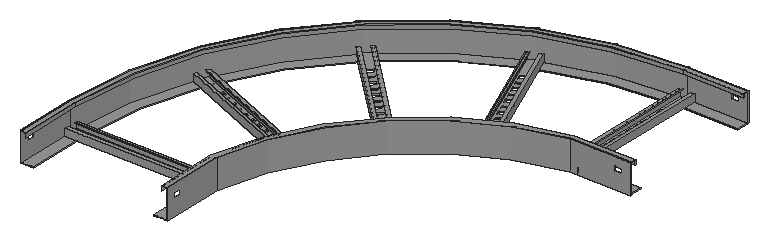
Revit family "LB 90 1130 VS FT Bogen 90", category Generic Models, Revit 2017
Family settings
  Can host rebar = No
  Round Connector Dimension = Use Diameter
  Part Type = Normal
  Work Plane-Based = No
  Always vertical = Yes
  Cut with Voids When Loaded = No
  Shared = No
  Room Calculation Point = No
Parameters (values of type "LB 90 1130 R5 FT")
  URL = "http://www.obo-bettermann.com"
  Material = Hot-dip galvanised
  Manufacturer Art.No. = "6217774"
  Manufacturer = "OBO BETTERMANN"
  GTIN = "4012196685219"
  Article Type = "LB 90 1130 R5 FT"
Reference planes
  plane 1 "Center (Front/Back)": y = 0
  plane 2: z = 0
  plane 3 "Center (Left/Right)": x = 0
  plane 4: y = 125
  plane 5: y = 125
  plane 6: x = 825
  plane 7: y = 825
  plane 8: x = 825
  plane 9: x = 700
  plane 10: z = 60
  plane 11: z = 1.5
  plane 12: z = 58.5
  plane 13: z = 51
  plane 14: x = 300
  plane 15: y = 525
  plane 16: x = 825.003
  plane 17: x = 825
  plane 18: y = 125
  plane 19: y = 110
  plane 20: y = 140
  plane 21: z = 16.5
  plane 22: x = 825
  plane 23: y = 125
  plane 24: x = 700
  plane 25: x = 700
  plane 26: through (701.958, 124.234, 1200) normal (-0.3827, -0.9239, 0)
  plane 27: through (701.958, 124.234, 1200) normal (-0.7071, -0.7071, 0)
  plane 28: through (701.958, 124.234, 1200) normal (-0.9239, -0.3827, 0)
  plane 29: x = 58.5
  plane 30: y = 133.25
  plane 31: y = 116.75
  plane 32: x = 84
  plane 33: x = 64
  plane 34: x = 83.965
  plane 35: x = 104
  plane 36: x = 123.965
  plane 37: x = 103.965
  plane 38: x = 143.93
  plane 39: x = 163.859
  plane 40: x = 183.789
  plane 41: x = 203.719
  plane 42: x = 223.648
  plane 43: x = 701.193
  plane 44: x = 716.193
  plane 45: x = 686.193
  plane 46: z = 16.5
  plane 47: y = 767.693
  plane 48: x = 692.943
  plane 49: x = 709.443
  plane 50: y = 742.193
  plane 51: y = 762.193
  plane 52: y = 722.193
  plane 53: y = 682.263
  plane 54: y = 662.333
  plane 55: y = 642.404
  plane 56: y = 622.474
  plane 57: y = 602.544
  plane 58: through (701.955, 124.217, 1200) normal (-0.1951, -0.9808, 0)
  plane 59: through (3995.512, -1240.866, 94.355) normal (0.3827, 0.9239, 0)
  plane 60: through (4001.253, -1227.008, 17.43) normal (0.3827, 0.9239, 0)
  plane 61: through (3989.772, -1254.724, 13.704) normal (0.3827, 0.9239, 0)
  plane 62: z = 16.5
  plane 63: through (94.255, 338.529, 1200) normal (-0.9239, 0.3827, 0)
  plane 64: through (103.27, 362.424, 1200) normal (0.3827, 0.9239, 0)
  plane 65: through (109.585, 377.668, 1200) normal (0.3827, 0.9239, 0)
  plane 66: through (120.092, 334.27, 1200) normal (-0.9239, 0.3827, 0)
  plane 67: through (104.975, 350.037, 1200) normal (-0.9239, 0.3827, 0)
  plane 68: through (139.63, 329.176, 1200) normal (-0.9239, 0.3827, 0)
  plane 69: through (181.491, 325.897, 1200) normal (-0.9239, 0.3827, 0)
  plane 70: through (199.904, 318.27, 1200) normal (-0.9239, 0.3827, 0)
  plane 71: through (218.316, 310.643, 1200) normal (-0.9239, 0.3827, 0)
  plane 72: through (237.074, 303.85, 1200) normal (-0.9239, 0.3827, 0)
  plane 73: through (252.471, 288.942, 1200) normal (-0.9239, 0.3827, 0)
  plane 74: through (701.958, 124.234, 1200) normal (-0.5556, -0.8315, 0)
  plane 75: through (3223.535, -2396.212, 94.355) normal (0.7071, 0.7071, 0)
  plane 76: through (3212.929, -2406.818, 17.43) normal (0.7071, 0.7071, 0)
  plane 77: through (3234.142, -2385.605, 13.704) normal (0.7071, 0.7071, 0)
  plane 78: z = 16.5
  plane 79: through (271.418, 603.672, 1200) normal (0.7071, -0.7071, 0)
  plane 80: through (252.792, 586.199, 1200) normal (0.7071, 0.7071, 0)
  plane 81: through (241.125, 574.532, 1200) normal (0.7071, 0.7071, 0)
  plane 82: through (285.24, 581.431, 1200) normal (0.7071, -0.7071, 0)
  plane 83: through (264.888, 589.364, 1200) normal (0.7071, -0.7071, 0)
  plane 84: through (297.423, 565.33, 1200) normal (0.7071, -0.7071, 0)
  plane 85: through (316.472, 527.91, 1200) normal (0.7071, -0.7071, 0)
  plane 86: through (330.565, 513.818, 1200) normal (0.7071, -0.7071, 0)
  plane 87: through (344.657, 499.726, 1200) normal (0.7071, -0.7071, 0)
  plane 88: through (358.111, 484.995, 1200) normal (0.7071, -0.7071, 0)
  plane 89: through (377.777, 476.476, 1200) normal (0.7071, -0.7071, 0)
  plane 90: through (701.958, 124.234, 1200) normal (-0.8315, -0.5556, 0)
  plane 91: through (2065.581, -3169.932, 94.355) normal (0.9239, 0.3827, 0)
  plane 92: through (2079.439, -3164.192, 17.43) normal (0.9239, 0.3827, 0)
  plane 93: through (2051.723, -3175.672, 13.704) normal (0.9239, 0.3827, 0)
  plane 94: z = 16.5
  plane 95: through (423.776, 705.474, 1200) normal (-0.3827, 0.9239, 0)
  plane 96: through (447.047, 715.996, 1200) normal (0.9239, 0.3827, 0)
  plane 97: through (462.291, 722.31, 1200) normal (0.9239, 0.3827, 0)
  plane 98: through (439.035, 684.194, 1200) normal (-0.3827, 0.9239, 0)
  plane 99: through (439.494, 706.032, 1200) normal (-0.3827, 0.9239, 0)
  plane 100: through (449.248, 666.776, 1200) normal (-0.3827, 0.9239, 0)
  plane 101: through (476.529, 634.857, 1200) normal (-0.3827, 0.9239, 0)
  plane 102: through (484.156, 616.444, 1200) normal (-0.3827, 0.9239, 0)
  plane 103: through (491.783, 598.032, 1200) normal (-0.3827, 0.9239, 0)
  plane 104: through (500.243, 579.964, 1200) normal (-0.3827, 0.9239, 0)
  plane 105: through (500.589, 558.536, 1200) normal (-0.3827, 0.9239, 0)
  plane 106: z = 25.993
  plane 107: y = 25
  plane 108: z = 38
  plane 109: y = 25
  plane 110: z = 38
  plane 111: x = 799.997
  plane 112: x = 800
  plane 113: z = 38
Forms (mm)
  Extrusion 1, solid, material "Hot-dip galvanised" <- "Material"
    sketch origin (0, 0, 0) x (1, 0, 0) y (0, 1, 0)
      loop
        line (0, 0) -> (1.5, 0) -> (1.5, 125)
        arc (1.5, 125) -> (206.086, 618.914) -> (700, 823.5) r 698.5
        line (700, 823.5) -> (825, 823.5) -> (825, 825) -> (700, 825)
        arc (700, 825) -> (205.025, 619.975) -> (0, 125) r 700
        line (0, 125) -> (0, 0)
    from 0 to 60
  Extrusion 2, solid, material "Hot-dip galvanised" <- "Material"
    sketch origin (0, 0, 0) x (1, 0, 0) y (0, 1, 0)
      loop
        line (1.5, 0) -> (27, 0) -> (27, 125)
        arc (27, 125) -> (224.117, 600.883) -> (700, 798) r 673
        line (700, 798) -> (825, 798) -> (825, 823.5) -> (700, 823.5)
        arc (700, 823.5) -> (206.086, 618.914) -> (1.5, 125) r 698.5
        line (1.5, 125) -> (1.5, 0)
    from 0 to 1.5
  Extrusion 3, solid, material "Hot-dip galvanised" <- "Material"
    sketch origin (0, 0, 0) x (1, 0, 0) y (0, 1, 0)
      loop
        line (825, 823.5) -> (700, 823.5)
        arc (700, 823.5) -> (206.086, 618.914) -> (1.5, 125) r 698.5
        line (1.5, 125) -> (1.5, 0) -> (12, 0) -> (12, 125)
        arc (12, 125) -> (213.511, 611.489) -> (700, 813) r 688
        line (700, 813) -> (825, 813) -> (825, 823.5)
    from 58.5 to 60
  Extrusion 4, solid, material "Hot-dip galvanised" <- "Material"
    sketch origin (0, 0, 0) x (1, 0, 0) y (0, 1, 0)
      loop
        line (824.997, 813) -> (824.997, 814.5) -> (700, 814.5)
        arc (700, 814.5) -> (212.45, 612.55) -> (10.5, 125) r 689.5
        line (10.5, 125) -> (10.5, 0) -> (12, 0) -> (12, 125)
        arc (12, 125) -> (213.511, 611.489) -> (700, 813) r 688
        line (700, 813) -> (824.997, 813)
    from 51 to 58.5
  Extrusion 5, solid, material "Hot-dip galvanised" <- "Material"
    sketch origin (0, 0, 0) x (1, 0, 0) y (0, 1, 0)
      loop
        line (300, 0) -> (300, 125)
        arc (300, 125) -> (437.994, 387.006) -> (700, 525) r 500
        line (700, 525) -> (824.997, 525) -> (824.997, 526.5) -> (699.862, 526.5)
        arc (699.862, 526.5) -> (436.934, 388.066) -> (298.5, 125.138) r 501.5
        line (298.5, 125.138) -> (298.5, 0) -> (300, 0)
    from 0 to 60
  Extrusion 6, solid, material "Hot-dip galvanised" <- "Material"
    sketch origin (0, 0, 0) x (1, 0, 0) y (0, 1, 0)
      loop
        line (298.5, 0) -> (298.5, 125.069)
        arc (298.5, 125.069) -> (436.718, 388.282) -> (699.931, 526.5) r 500
        line (699.931, 526.5) -> (825.003, 526.5) -> (825.003, 552) -> (697.637, 552)
        arc (697.637, 552) -> (418.686, 406.314) -> (273, 127.363) r 525.5
        line (273, 127.363) -> (273, 0) -> (298.5, 0)
    from 0 to 1.5
  Extrusion 7, solid, material "Hot-dip galvanised" <- "Material"
    sketch origin (-0.024, -0.01, 0) x (1, 0, 0) y (0, 1, 0)
      loop
        line (298.524, 0.01) -> (298.524, 125.079)
        arc (298.524, 125.079) -> (436.743, 388.29) -> (699.955, 526.51) r 500.011
        line (699.955, 526.51) -> (825.024, 526.51) -> (825.024, 537.01) -> (699.031, 537.01)
        arc (699.031, 537.01) -> (429.329, 395.719) -> (288.024, 126.024) r 510.516
        line (288.024, 126.024) -> (288.024, 0.01) -> (298.524, 0.01)
    from 58.5 to 60
  Extrusion 8, solid, material "Hot-dip galvanised" <- "Material"
    sketch origin (0, 0, 0) x (1, 0, 0) y (0, 1, 0)
      loop
        line (288, 0) -> (289.5, 0) -> (289.5, 124.935)
        arc (289.5, 124.935) -> (430.576, 394.424) -> (700.065, 535.5) r 509.5
        line (700.065, 535.5) -> (825.003, 535.5) -> (825.003, 537) -> (699.931, 537)
        arc (699.931, 537) -> (429.516, 395.484) -> (288, 125.069) r 511
        line (288, 125.069) -> (288, 0)
    from 51 to 58.5
  Extrusion 9, solid, material "Hot-dip galvanised" <- "Material"
    sketch origin (0, 0, 0) x (0, 1, 0) y (0, 0, 1)
      loop
        line (110, 1.5) -> (140, 1.5) -> (140, 16.5) -> (133.539, 16.5) -> (133.539, 15) -> (138.5, 15) -> (138.5, 3) -> (111.5, 3) -> (111.5, 15) -> (116.469, 15) -> (116.469, 16.5) -> (110, 16.5) -> (110, 1.5)
    from 1.5 to 298.5
  Extrusion 10, void
    sketch origin (0, 0, 0) x (1, 0, 0) y (0, 1, 0)
      loop
        line (58.5, 133.25) -> (58.5, 116.75) -> (69.5, 116.75) -> (69.5, 133.25) -> (58.5, 133.25)
      loop
        line (80.5, 133.25) -> (80.5, 116.75) -> (87.5, 116.75) -> (87.5, 133.25) -> (80.5, 133.25)
      loop
        line (109.5, 133.25) -> (98.5, 133.25) -> (98.5, 116.75) -> (109.5, 116.75) -> (109.5, 133.25)
      loop
        line (127.5, 133.25) -> (120.5, 133.25) -> (120.5, 116.75) -> (127.5, 116.75) -> (127.5, 133.25)
      loop
        line (138.43, 133.25) -> (138.43, 116.75) -> (149.43, 116.75) -> (149.43, 133.25) -> (138.43, 133.25)
      loop
        line (160.359, 133.25) -> (160.359, 116.75) -> (167.359, 116.75) -> (167.359, 133.25) -> (160.359, 133.25)
      loop
        line (189.289, 133.25) -> (178.289, 133.25) -> (178.289, 116.75) -> (189.289, 116.75) -> (189.289, 133.25)
      loop
        line (207.219, 133.25) -> (200.219, 133.25) -> (200.219, 116.75) -> (207.219, 116.75) -> (207.219, 133.25)
      loop
        line (218.148, 133.25) -> (218.148, 116.75) -> (229.148, 116.75) -> (229.148, 133.25) -> (218.148, 133.25)
      loop
        line (240.078, 133.25) -> (240.078, 116.75) -> (247.078, 116.75) -> (247.078, 133.25) -> (240.078, 133.25)
    from 0 to 3
  Extrusion 11, solid, material "Hot-dip galvanised" <- "Material"
    sketch origin (826.193, 826.193, 0) x (-1, 0, 0) y (0, 0, -1)
      loop
        line (110, -1.5) -> (110, -16.5) -> (116.469, -16.5) -> (116.469, -15) -> (111.5, -15) -> (111.5, -3) -> (138.5, -3) -> (138.5, -15) -> (133.539, -15) -> (133.539, -16.5) -> (140, -16.5) -> (140, -1.5) -> (110, -1.5)
    from 2.693 to 299.693
  Extrusion 12, void
    sketch origin (826.193, 826.193, 0) x (0, -1, 0) y (1, 0, 0)
      loop
        line (58.5, -133.25) -> (69.5, -133.25) -> (69.5, -116.75) -> (58.5, -116.75) -> (58.5, -133.25)
      loop
        line (80.5, -133.25) -> (87.5, -133.25) -> (87.5, -116.75) -> (80.5, -116.75) -> (80.5, -133.25)
      loop
        line (109.5, -133.25) -> (109.5, -116.75) -> (98.5, -116.75) -> (98.5, -133.25) -> (109.5, -133.25)
      loop
        line (127.5, -133.25) -> (127.5, -116.75) -> (120.5, -116.75) -> (120.5, -133.25) -> (127.5, -133.25)
      loop
        line (138.43, -133.25) -> (149.43, -133.25) -> (149.43, -116.75) -> (138.43, -116.75) -> (138.43, -133.25)
      loop
        line (160.359, -133.25) -> (167.359, -133.25) -> (167.359, -116.75) -> (160.359, -116.75) -> (160.359, -133.25)
      loop
        line (189.289, -133.25) -> (189.289, -116.75) -> (178.289, -116.75) -> (178.289, -133.25) -> (189.289, -133.25)
      loop
        line (207.219, -133.25) -> (207.219, -116.75) -> (200.219, -116.75) -> (200.219, -133.25) -> (207.219, -133.25)
      loop
        line (218.148, -133.25) -> (229.148, -133.25) -> (229.148, -116.75) -> (218.148, -116.75) -> (218.148, -133.25)
      loop
        line (240.078, -133.25) -> (247.078, -133.25) -> (247.078, -116.75) -> (240.078, -116.75) -> (240.078, -133.25)
    from 0 to 3
  Extrusion 13, solid, material "Hot-dip galvanised" <- "Material"
    sketch origin (100.969, 507.606, 0) x (-0.382683, -0.92388, 0) y (0, 0, -1)
      loop
        line (110, -1.5) -> (110, -16.5) -> (116.469, -16.5) -> (116.469, -15) -> (111.5, -15) -> (111.5, -3) -> (138.5, -3) -> (138.5, -15) -> (133.539, -15) -> (133.539, -16.5) -> (140, -16.5) -> (140, -1.5) -> (110, -1.5)
    from 1.5 to 319.5
  Extrusion 14, void
    sketch origin (100.969, 507.606, 0) x (0.92388, -0.382683, 0) y (0.382683, 0.92388, 0)
      loop
        line (58.5, -133.25) -> (69.5, -133.25) -> (69.5, -116.75) -> (58.5, -116.75) -> (58.5, -133.25)
      loop
        line (80.5, -133.25) -> (87.5, -133.25) -> (87.5, -116.75) -> (80.5, -116.75) -> (80.5, -133.25)
      loop
        line (109.5, -133.25) -> (109.5, -116.75) -> (98.5, -116.75) -> (98.5, -133.25) -> (109.5, -133.25)
      loop
        line (127.5, -133.25) -> (127.5, -116.75) -> (120.5, -116.75) -> (120.5, -133.25) -> (127.5, -133.25)
      loop
        line (138.43, -133.25) -> (149.43, -133.25) -> (149.43, -116.75) -> (138.43, -116.75) -> (138.43, -133.25)
      loop
        line (160.359, -133.25) -> (167.359, -133.25) -> (167.359, -116.75) -> (160.359, -116.75) -> (160.359, -133.25)
      loop
        line (189.289, -133.25) -> (189.289, -116.75) -> (178.289, -116.75) -> (178.289, -133.25) -> (189.289, -133.25)
      loop
        line (207.219, -133.25) -> (207.219, -116.75) -> (200.219, -116.75) -> (200.219, -133.25) -> (207.219, -133.25)
      loop
        line (218.148, -133.25) -> (229.148, -133.25) -> (229.148, -116.75) -> (218.148, -116.75) -> (218.148, -133.25)
      loop
        line (240.078, -133.25) -> (247.078, -133.25) -> (247.078, -116.75) -> (240.078, -116.75) -> (240.078, -133.25)
    from 0 to 3
  Extrusion 15, solid, material "Hot-dip galvanised" <- "Material"
    sketch origin (117.781, 532.766, 0) x (0.707107, 0.707107, 0) y (0, 0, 1)
      loop
        line (110, 1.5) -> (140, 1.5) -> (140, 16.5) -> (133.539, 16.5) -> (133.539, 15) -> (138.5, 15) -> (138.5, 3) -> (111.5, 3) -> (111.5, 15) -> (116.469, 15) -> (116.469, 16.5) -> (110, 16.5) -> (110, 1.5)
    from 1.5 to 327.782
  Extrusion 16, void
    sketch origin (117.781, 532.766, 0) x (0.707107, -0.707107, 0) y (0.707107, 0.707107, 0)
      loop
        line (58.5, 133.25) -> (58.5, 116.75) -> (69.5, 116.75) -> (69.5, 133.25) -> (58.5, 133.25)
      loop
        line (80.5, 133.25) -> (80.5, 116.75) -> (87.5, 116.75) -> (87.5, 133.25) -> (80.5, 133.25)
      loop
        line (109.5, 133.25) -> (98.5, 133.25) -> (98.5, 116.75) -> (109.5, 116.75) -> (109.5, 133.25)
      loop
        line (127.5, 133.25) -> (120.5, 133.25) -> (120.5, 116.75) -> (127.5, 116.75) -> (127.5, 133.25)
      loop
        line (138.43, 133.25) -> (138.43, 116.75) -> (149.43, 116.75) -> (149.43, 133.25) -> (138.43, 133.25)
      loop
        line (160.359, 133.25) -> (160.359, 116.75) -> (167.359, 116.75) -> (167.359, 133.25) -> (160.359, 133.25)
      loop
        line (189.289, 133.25) -> (178.289, 133.25) -> (178.289, 116.75) -> (189.289, 116.75) -> (189.289, 133.25)
      loop
        line (207.219, 133.25) -> (200.219, 133.25) -> (200.219, 116.75) -> (207.219, 116.75) -> (207.219, 133.25)
      loop
        line (218.148, 133.25) -> (218.148, 116.75) -> (229.148, 116.75) -> (229.148, 133.25) -> (218.148, 133.25)
      loop
        line (240.078, 133.25) -> (240.078, 116.75) -> (247.078, 116.75) -> (247.078, 133.25) -> (240.078, 133.25)
    from 0 to 3
  Extrusion 17, solid, material "Hot-dip galvanised" <- "Material"
    sketch origin (548.079, 820.282, 0) x (-0.92388, -0.382683, 0) y (0, 0, -1)
      loop
        line (110, -1.5) -> (110, -16.5) -> (116.469, -16.5) -> (116.469, -15) -> (111.5, -15) -> (111.5, -3) -> (138.5, -3) -> (138.5, -15) -> (133.539, -15) -> (133.539, -16.5) -> (140, -16.5) -> (140, -1.5) -> (110, -1.5)
    from 2.225 to 319.983
  Extrusion 18, void
    sketch origin (548.079, 820.282, 0) x (0.382683, -0.92388, 0) y (0.92388, 0.382683, 0)
      loop
        line (58.5, -133.25) -> (69.5, -133.25) -> (69.5, -116.75) -> (58.5, -116.75) -> (58.5, -133.25)
      loop
        line (80.5, -133.25) -> (87.5, -133.25) -> (87.5, -116.75) -> (80.5, -116.75) -> (80.5, -133.25)
      loop
        line (109.5, -133.25) -> (109.5, -116.75) -> (98.5, -116.75) -> (98.5, -133.25) -> (109.5, -133.25)
      loop
        line (127.5, -133.25) -> (127.5, -116.75) -> (120.5, -116.75) -> (120.5, -133.25) -> (127.5, -133.25)
      loop
        line (138.43, -133.25) -> (149.43, -133.25) -> (149.43, -116.75) -> (138.43, -116.75) -> (138.43, -133.25)
      loop
        line (160.359, -133.25) -> (167.359, -133.25) -> (167.359, -116.75) -> (160.359, -116.75) -> (160.359, -133.25)
      loop
        line (189.289, -133.25) -> (189.289, -116.75) -> (178.289, -116.75) -> (178.289, -133.25) -> (189.289, -133.25)
      loop
        line (207.219, -133.25) -> (207.219, -116.75) -> (200.219, -116.75) -> (200.219, -133.25) -> (207.219, -133.25)
      loop
        line (218.148, -133.25) -> (229.148, -133.25) -> (229.148, -116.75) -> (218.148, -116.75) -> (218.148, -133.25)
      loop
        line (240.078, -133.25) -> (247.078, -133.25) -> (247.078, -116.75) -> (240.078, -116.75) -> (240.078, -133.25)
    from 0 to 3
  Extrusion 19, void
    sketch origin (0, 0, 0) x (0, 1, 0) y (0, 0, 1)
      loop
        line (17.489, 42.5) -> (17.489, 33.5) -> (32.489, 33.5) -> (32.489, 42.5) -> (17.489, 42.5)
    from 0 to 1.5
  Extrusion 20, void
    sketch origin (0, 0, 0) x (0, 1, 0) y (0, 0, 1)
      loop
        line (17.5, 42.5) -> (17.5, 33.5) -> (32.5, 33.5) -> (32.5, 42.5) -> (17.5, 42.5)
    from 298.5 to 300
  Extrusion 21, void
    sketch origin (0, 0, 0) x (1, 0, 0) y (0, 0, 1)
      loop
        line (792.497, 42.5) -> (792.497, 33.5) -> (807.497, 33.5) -> (807.497, 42.5) -> (792.497, 42.5)
    from -526.5 to -525
  Extrusion 22, void
    sketch origin (0, 0, 0) x (1, 0, 0) y (0, 0, 1)
      loop
        line (807.5, 42.5) -> (792.5, 42.5) -> (792.5, 33.5) -> (807.5, 33.5) -> (807.5, 42.5)
    from -825 to -823.5
Cuts and joins
  Extrusion 10, Extrusion 12, Extrusion 14 cuts Extrusion 9
  Extrusion 12 cuts Extrusion 11
  Extrusion 14, Extrusion 16 cuts Extrusion 13
  Extrusion 16, Extrusion 18 cuts Extrusion 15
  Extrusion 18 cuts Extrusion 17
  Extrusion 19, Extrusion 22 cuts Extrusion 1
  Extrusion 20, Extrusion 21 cuts Extrusion 5
Dimensions and locks
  locked: plane 3 "Center (Left/Right)" to plane 8 at 825
  locked: plane 1 "Center (Front/Back)" to plane 7 at 825
  locked: Extrusion 1 sketch curve to plane 8 at 125
  locked: plane 5 to Extrusion 1 sketch curve at 125
  locked: Extrusion 1 sketch curve to Extrusion 1 sketch curve at 1.5  (x2)
  locked: plane 10 to level at 60
  locked: Extrusion 1 to Extrusion 2 sketch curve at 25.5  (x2)
  Extrusion 1 to Extrusion 2 sketch curve = 27 mm
  locked: Extrusion 1 to Extrusion 2 sketch curve at 825  (x2)
  locked: Extrusion 3 sketch curve to Extrusion 1 at 10.5
  locked: Extrusion 1 to Extrusion 3 sketch curve at 10.5
  locked: Extrusion 1 to Extrusion 2 at 825
  locked: Extrusion 2 to Extrusion 1 at 823.5
  locked: Extrusion 3 to Extrusion 3 at 1.5
  locked: Extrusion 3 to Extrusion 2 at 60
  locked: Extrusion 4 sketch curve to Extrusion 3 at 1.5
  locked: Extrusion 3 to Extrusion 4 sketch curve at 1.5
  locked: Extrusion 1 to Extrusion 3 at 12  (x3)
  Extrusion 3 to Extrusion 4 = 9 mm
  locked: Extrusion 3 to plane 13 at 9
  locked: Extrusion 1 to plane 14 at 300
  locked: Extrusion 1 to plane 15 at 300
  locked: Extrusion 5 sketch curve to plane 1 "Center (Front/Back)" at 525
  locked: Extrusion 1 to Extrusion 5 sketch curve at 300
  Extrusion 1 to Extrusion 5 sketch curve = 300 mm
  locked: Extrusion 5 sketch curve to Extrusion 5 sketch curve at 1.5  (x2)
  locked: Extrusion 5 to Extrusion 5 at 60
  locked: Extrusion 6 sketch curve to Extrusion 5 at 25.5  (x2)
  locked: Extrusion 6 sketch curve to Extrusion 6 sketch curve at 552
  locked: Extrusion 7 sketch curve to Extrusion 5 at 10.5  (x2)
  locked: Extrusion 6 to Extrusion 6 at 552
  locked: plane 21 to Extrusion 6 at 15
  locked: plane 19 to plane 18 at 15
  locked: plane 18 to plane 20 at 15
  locked: Extrusion 6 to Extrusion 9 sketch curve at 15
  locked: Extrusion 9 sketch curve to Extrusion 6 at 15
  locked: Extrusion 9 sketch curve to Extrusion 9 sketch curve at 1.5  (x4)
  locked: Extrusion 6 to Extrusion 9 sketch curve at 1.5
  locked: plane 1 "Center (Front/Back)" to plane 23 at 125
  locked: plane 24 to plane 17 at 125
  locked: Extrusion 3 to plane 29 at 57
  Extrusion 10 sketch curve to Extrusion 9 = 16.789 mm
  locked: plane 30 to plane 23 at 8.25
  locked: plane 23 to plane 31 at 8.25
  locked: Extrusion 10 sketch curve to Extrusion 10 sketch curve at 11  (x5)
  locked: Extrusion 10 sketch curve to Extrusion 10 sketch curve at 16.5  (x10)
  plane 33 to plane 32 = 20 mm
  locked: Extrusion 10 sketch curve to Extrusion 10 sketch curve at 7  (x5)
  locked: Extrusion 10 sketch curve to plane 32 at 3.5
  locked: Extrusion 3 to plane 34 at 82.465
  Extrusion 10 sketch curve to Extrusion 10 sketch curve = 11 mm
  locked: Extrusion 10 sketch curve to plane 35 at 5.5
  locked: plane 34 to plane 36 at 40
  locked: plane 34 to plane 37 at 20
  locked: Extrusion 3 to plane 39 at 162.359
  locked: plane 44 to plane 43 at 15
  locked: plane 43 to plane 45 at 15
  locked: Extrusion 11 sketch curve to Extrusion 11 sketch curve at 1.5  (x4)
  Extrusion 12 sketch curve to Extrusion 11 = 16.789 mm
  locked: Extrusion 12 sketch curve to Extrusion 12 sketch curve at 11  (x5)
  locked: Extrusion 12 sketch curve to Extrusion 12 sketch curve at 16.5  (x10)
  plane 51 to plane 50 = 20 mm
  locked: Extrusion 12 sketch curve to Extrusion 12 sketch curve at 7  (x5)
  locked: Extrusion 12 sketch curve to plane 50 at 3.5
  Extrusion 12 sketch curve to Extrusion 12 sketch curve = 11 mm
  locked: Extrusion 12 sketch curve to plane 52 at 5.5
  locked: plane 60 to plane 59 at 15
  locked: plane 59 to plane 61 at 15
  locked: Extrusion 13 sketch curve to Extrusion 13 sketch curve at 1.5  (x4)
  Extrusion 14 sketch curve to Extrusion 13 = 16.789 mm
  locked: Extrusion 14 sketch curve to Extrusion 14 sketch curve at 11  (x5)
  locked: Extrusion 14 sketch curve to Extrusion 14 sketch curve at 16.5  (x10)
  plane 67 to plane 66 = 20 mm
  locked: Extrusion 14 sketch curve to Extrusion 14 sketch curve at 7  (x5)
  locked: Extrusion 14 sketch curve to plane 66 at 3.5
  Extrusion 14 sketch curve to Extrusion 14 sketch curve = 11 mm
  locked: Extrusion 14 sketch curve to plane 68 at 5.5
  locked: plane 76 to plane 75 at 15
  locked: plane 75 to plane 77 at 15
  locked: Extrusion 15 sketch curve to Extrusion 15 sketch curve at 1.5  (x4)
  Extrusion 16 sketch curve to Extrusion 15 = 16.789 mm
  locked: Extrusion 16 sketch curve to Extrusion 16 sketch curve at 11  (x5)
  locked: Extrusion 16 sketch curve to Extrusion 16 sketch curve at 16.5  (x10)
  plane 83 to plane 82 = 20 mm
  locked: Extrusion 16 sketch curve to Extrusion 16 sketch curve at 7  (x5)
  locked: Extrusion 16 sketch curve to plane 82 at 3.5
  Extrusion 16 sketch curve to Extrusion 16 sketch curve = 11 mm
  locked: Extrusion 16 sketch curve to plane 84 at 5.5
  locked: plane 92 to plane 91 at 15
  locked: plane 91 to plane 93 at 15
  locked: Extrusion 17 sketch curve to Extrusion 17 sketch curve at 1.5  (x4)
  Extrusion 18 sketch curve to Extrusion 17 = 16.789 mm
  locked: Extrusion 18 sketch curve to Extrusion 18 sketch curve at 11  (x5)
  locked: Extrusion 18 sketch curve to Extrusion 18 sketch curve at 16.5  (x10)
  plane 99 to plane 98 = 20 mm
  locked: Extrusion 18 sketch curve to Extrusion 18 sketch curve at 7  (x5)
  locked: Extrusion 18 sketch curve to plane 98 at 3.5
  Extrusion 18 sketch curve to Extrusion 18 sketch curve = 11 mm
  locked: Extrusion 18 sketch curve to plane 100 at 5.5
  locked: Extrusion 5 to plane 107 at 25
  Extrusion 19 sketch curve to Extrusion 19 sketch curve = 9 mm
  Extrusion 19 sketch curve to plane 106 = 7.507 mm
  locked: Extrusion 19 sketch curve to Extrusion 19 sketch curve at 15
  locked: Extrusion 19 sketch curve to plane 107 at 7.511
  locked: Extrusion 5 to plane 108 at 38
  locked: Extrusion 5 to plane 109 at 25
  locked: Extrusion 20 sketch curve to Extrusion 20 sketch curve at 15
  locked: Extrusion 20 sketch curve to plane 109 at 7.5
  locked: Extrusion 20 sketch curve to Extrusion 20 sketch curve at 9
  locked: plane 108 to Extrusion 20 sketch curve at 4.5
  locked: plane 110 to cut or joined group of Extrusion 5, Extrusion 20, Extrusion 21 at 38
  locked: cut or joined group of Extrusion 5, Extrusion 20, Extrusion 21 to plane 111 at 25
  locked: Extrusion 21 sketch curve to Extrusion 21 sketch curve at 9
  locked: Extrusion 21 sketch curve to plane 110 at 4.5
  locked: Extrusion 21 sketch curve to Extrusion 21 sketch curve at 15
  locked: plane 111 to Extrusion 21 sketch curve at 7.5
  locked: cut or joined group of Extrusion 1, Extrusion 19, Extrusion 22 to plane 113 at 38
  locked: cut or joined group of Extrusion 1, Extrusion 19, Extrusion 22 to plane 112 at 25
  locked: Extrusion 22 sketch curve to Extrusion 22 sketch curve at 9
  locked: plane 113 to Extrusion 22 sketch curve at 4.5
  locked: Extrusion 22 sketch curve to Extrusion 22 sketch curve at 15
  plane 112 to Extrusion 22 sketch curve = 7.5 mm
  radius of Extrusion 1 sketch curve = 700 mm
  radius of Extrusion 5 sketch curve = 500 mm
  locked: plane 26 to plane 23 (angle 22.50°)
  angle plane 27 to plane 26 = 22.50°
  locked: plane 28 to plane 27 (angle 22.50°)
  angle plane 58 to plane 23 = 11.25°
  locked: plane 74 to plane 26 (angle 11.25°)
  angle plane 90 to plane 27 = 11.25°
  aligned and locked: level to plane 2
  aligned and locked: plane 6 to plane 8
  aligned and locked: plane 10 to Extrusion 1
  aligned and locked: Extrusion 1 to level
  aligned and locked: plane 1 "Center (Front/Back)" to Extrusion 2
  aligned and locked: Extrusion 2 to Extrusion 1
  aligned and locked: Extrusion 2 to plane 11
  aligned and locked: Extrusion 2 to level
  aligned and locked: Extrusion 3 sketch curve to Extrusion 2
  aligned and locked: Extrusion 3 sketch curve to plane 1 "Center (Front/Back)"
  aligned and locked: Extrusion 3 to Extrusion 1  (x2)
  aligned and locked: plane 1 "Center (Front/Back)" to Extrusion 3
  aligned and locked: Extrusion 3 to plane 12
  aligned and locked: Extrusion 4 sketch curve to Extrusion 3
  aligned and locked: Extrusion 4 to Extrusion 1
  aligned and locked: plane 1 "Center (Front/Back)" to Extrusion 4
  aligned and locked: Extrusion 4 to plane 13
  aligned and locked: Extrusion 5 sketch curve to plane 1 "Center (Front/Back)"
  aligned and locked: plane 1 "Center (Front/Back)" to Extrusion 5
  aligned and locked: Extrusion 5 to Extrusion 2
  aligned and locked: Extrusion 2 to Extrusion 5
  aligned and locked: Extrusion 1 to Extrusion 5
  aligned and locked: Extrusion 6 sketch curve to Extrusion 5
  aligned and locked: Extrusion 2 to Extrusion 6
  aligned and locked: Extrusion 6 to Extrusion 2
  aligned and locked: Extrusion 6 to level
  aligned and locked: Extrusion 7 sketch curve to Extrusion 5
  aligned and locked: Extrusion 7 sketch curve to Extrusion 6
  aligned and locked: Extrusion 7 to Extrusion 1
  aligned and locked: Extrusion 3 to Extrusion 7
  aligned and locked: Extrusion 8 sketch curve to Extrusion 7
  aligned and locked: Extrusion 4 to Extrusion 8
  aligned and locked: Extrusion 8 to Extrusion 3
  aligned and locked: Extrusion 7 to Extrusion 8 sketch curve
  aligned and locked: plane 16 to Extrusion 8
  aligned and locked: Extrusion 6 sketch curve to plane 16
  aligned and locked: Extrusion 7 to Extrusion 6
  aligned and locked: plane 17 to Extrusion 7
  aligned and locked: Extrusion 9 to Extrusion 2
  aligned and locked: Extrusion 9 to Extrusion 1
  aligned and locked: Extrusion 9 to Extrusion 5
  aligned and locked: Extrusion 10 to level
  aligned and locked: Extrusion 9 to Extrusion 10
  aligned and locked: Extrusion 12 to Extrusion 11
  aligned and locked: Extrusion 14 to Extrusion 13
  aligned and locked: Extrusion 15 to Extrusion 16
  aligned and locked: Extrusion 18 to Extrusion 17
  aligned and locked: Extrusion 11 to Extrusion 5
  aligned and locked: Extrusion 11 to Extrusion 1
  aligned and locked: Extrusion 19 to plane 3 "Center (Left/Right)"
  aligned and locked: Extrusion 1 to Extrusion 19
  aligned and locked: Extrusion 5 to Extrusion 20  (x2)
  aligned and locked: Extrusion 5 to Extrusion 21  (x2)
  aligned and locked: Extrusion 1 to Extrusion 22  (x2)
Automatic sketch dimensions
  Extrusion 1 sketch curve to Extrusion 1 sketch curve = 0 mm  (x2)
  Extrusion 1 sketch curve to plane 6 = 0 mm
  Extrusion 1 sketch curve to plane 4 = 0 mm
  Extrusion 2 sketch curve to Extrusion 2 sketch curve = 0 mm  (x2)
  Extrusion 2 sketch curve to plane 23 = 0 mm
  plane 3 "Center (Left/Right)" to Extrusion 2 sketch curve = 1.5 mm
  Extrusion 3 sketch curve to Extrusion 3 sketch curve = 0 mm  (x2)
  Extrusion 3 sketch curve to plane 23 = 0 mm
  plane 3 "Center (Left/Right)" to Extrusion 3 sketch curve = 1.5 mm
  Extrusion 4 sketch curve to Extrusion 4 sketch curve = 0 mm  (x2)
  Extrusion 4 sketch curve to plane 23 = 0 mm
  Extrusion 4 sketch curve to Extrusion 4 sketch curve = 1.5 mm
  Extrusion 4 sketch curve to plane 17 = 0.003 mm
  Extrusion 5 sketch curve to Extrusion 5 sketch curve = 0 mm  (x2)
  Extrusion 5 sketch curve to plane 24 = 0 mm
  Extrusion 5 sketch curve to plane 23 = 0 mm
  Extrusion 5 sketch curve to plane 24 = 0.138 mm
  Extrusion 5 sketch curve to plane 17 = 0.003 mm
  Extrusion 6 sketch curve to Extrusion 6 sketch curve = 0 mm  (x2)
  Extrusion 6 sketch curve to plane 24 = 2.363 mm
  Extrusion 6 sketch curve to plane 24 = 0.069 mm
  Extrusion 6 sketch curve to plane 17 = 34.729 mm
  Extrusion 6 sketch curve to plane 1 "Center (Front/Back)" = 34.729 mm
  plane 23 to Extrusion 6 sketch curve = 0.069 mm
  Extrusion 7 sketch curve to plane 17 = 0 mm
  Extrusion 7 sketch curve to plane 24 = 0.993 mm
  Extrusion 7 sketch curve to plane 24 = 0.069 mm
  Extrusion 7 sketch curve to plane 17 = 34.72 mm
  Extrusion 7 sketch curve to Extrusion 7 sketch curve = 0.004 mm
  Extrusion 7 sketch curve to plane 1 "Center (Front/Back)" = 34.711 mm
  Extrusion 7 sketch curve to Extrusion 7 sketch curve = 0.009 mm
  plane 23 to Extrusion 7 sketch curve = 0.069 mm
  Extrusion 8 sketch curve to Extrusion 8 sketch curve = 0 mm  (x2)
  Extrusion 8 sketch curve to plane 16 = 0 mm
  Extrusion 8 sketch curve to plane 17 = 34.153 mm
  plane 24 to Extrusion 8 sketch curve = 0.065 mm
  Extrusion 8 sketch curve to plane 24 = 0.069 mm
  plane 36 to Extrusion 8 sketch curve = 165.535 mm
  Extrusion 8 sketch curve to Extrusion 8 sketch curve = 1.5 mm
  Extrusion 8 sketch curve to plane 1 "Center (Front/Back)" = 34.153 mm
  Extrusion 8 sketch curve to plane 23 = 0.065 mm
  Extrusion 9 sketch curve to plane 19 = 0 mm
  Extrusion 9 sketch curve to plane 20 = 0 mm
  Extrusion 9 sketch curve to plane 11 = 0 mm
  Extrusion 9 sketch curve to Extrusion 9 sketch curve = 4.969 mm
  Extrusion 9 sketch curve to Extrusion 9 sketch curve = 4.961 mm
  Extrusion 10 sketch curve to plane 29 = 0 mm
  plane 31 to Extrusion 10 sketch curve = 0 mm  (x5)
  plane 30 to Extrusion 10 sketch curve = 0 mm  (x4)
  Extrusion 10 sketch curve to plane 36 = 3.465 mm
  Extrusion 10 sketch curve to plane 38 = 5.5 mm
  Extrusion 10 sketch curve to plane 39 = 3.5 mm
  Extrusion 10 sketch curve to plane 40 = 5.5 mm
  Extrusion 10 sketch curve to plane 41 = 3.5 mm
  Extrusion 10 sketch curve to plane 42 = 5.5 mm
  Extrusion 10 sketch curve to Extrusion 10 sketch curve = 10.93 mm
  plane 44 to Extrusion 11 sketch curve = 0 mm
  Extrusion 11 sketch curve to plane 46 = 0 mm  (x2)
  Extrusion 11 sketch curve to plane 45 = 0 mm
  Extrusion 11 sketch curve to plane 11 = 0 mm
  Extrusion 11 sketch curve to Extrusion 11 sketch curve = 4.969 mm
  Extrusion 11 sketch curve to Extrusion 11 sketch curve = 4.961 mm
  plane 11 to Extrusion 11 sketch curve = 1.5 mm
  plane 47 to Extrusion 12 sketch curve = 0 mm
  Extrusion 12 sketch curve to plane 49 = 0 mm  (x5)
  Extrusion 12 sketch curve to plane 48 = 0 mm  (x4)
  Extrusion 12 sketch curve to Extrusion 12 sketch curve = 11 mm
  plane 53 to Extrusion 12 sketch curve = 5.5 mm
  plane 54 to Extrusion 12 sketch curve = 3.5 mm
  plane 55 to Extrusion 12 sketch curve = 5.5 mm
  plane 56 to Extrusion 12 sketch curve = 3.5 mm
  plane 57 to Extrusion 12 sketch curve = 5.5 mm
  Extrusion 12 sketch curve to Extrusion 12 sketch curve = 10.93 mm
  Extrusion 13 sketch curve to plane 60 = 0 mm
  Extrusion 13 sketch curve to plane 62 = 0 mm  (x2)
  Extrusion 13 sketch curve to plane 61 = 0 mm
  Extrusion 13 sketch curve to plane 11 = 0 mm
  Extrusion 13 sketch curve to Extrusion 13 sketch curve = 4.969 mm
  Extrusion 13 sketch curve to Extrusion 13 sketch curve = 4.961 mm
  plane 11 to Extrusion 13 sketch curve = 1.5 mm
  plane 63 to Extrusion 14 sketch curve = 0 mm
  plane 65 to Extrusion 14 sketch curve = 0 mm  (x5)
  plane 64 to Extrusion 14 sketch curve = 0 mm  (x4)
  Extrusion 14 sketch curve to Extrusion 14 sketch curve = 11 mm
  plane 69 to Extrusion 14 sketch curve = 5.5 mm
  plane 70 to Extrusion 14 sketch curve = 3.5 mm
  plane 71 to Extrusion 14 sketch curve = 5.5 mm
  plane 72 to Extrusion 14 sketch curve = 3.5 mm
  plane 73 to Extrusion 14 sketch curve = 5.5 mm
  Extrusion 14 sketch curve to Extrusion 14 sketch curve = 10.93 mm
  Extrusion 15 sketch curve to plane 76 = 0 mm
  Extrusion 15 sketch curve to plane 78 = 0 mm  (x2)
  Extrusion 15 sketch curve to plane 77 = 0 mm
  Extrusion 15 sketch curve to plane 11 = 0 mm
  Extrusion 15 sketch curve to Extrusion 15 sketch curve = 4.969 mm
  Extrusion 15 sketch curve to Extrusion 15 sketch curve = 4.961 mm
  plane 11 to Extrusion 15 sketch curve = 1.5 mm
  plane 79 to Extrusion 16 sketch curve = 0 mm
  plane 81 to Extrusion 16 sketch curve = 0 mm  (x5)
  plane 80 to Extrusion 16 sketch curve = 0 mm  (x4)
  Extrusion 16 sketch curve to Extrusion 16 sketch curve = 11 mm
  Extrusion 16 sketch curve to plane 85 = 5.5 mm
  Extrusion 16 sketch curve to plane 86 = 3.5 mm
  Extrusion 16 sketch curve to plane 87 = 5.5 mm
  Extrusion 16 sketch curve to plane 88 = 3.5 mm
  Extrusion 16 sketch curve to plane 89 = 5.5 mm
  Extrusion 16 sketch curve to Extrusion 16 sketch curve = 10.93 mm
  Extrusion 17 sketch curve to plane 92 = 0 mm
  Extrusion 17 sketch curve to plane 94 = 0 mm  (x2)
  Extrusion 17 sketch curve to plane 93 = 0 mm
  Extrusion 17 sketch curve to plane 11 = 0 mm
  Extrusion 17 sketch curve to Extrusion 17 sketch curve = 4.969 mm
  Extrusion 17 sketch curve to Extrusion 17 sketch curve = 4.961 mm
  plane 11 to Extrusion 17 sketch curve = 1.5 mm
  plane 95 to Extrusion 18 sketch curve = 0 mm
  plane 97 to Extrusion 18 sketch curve = 0 mm  (x5)
  plane 96 to Extrusion 18 sketch curve = 0 mm  (x4)
  Extrusion 18 sketch curve to Extrusion 18 sketch curve = 11 mm
  plane 101 to Extrusion 18 sketch curve = 5.5 mm
  plane 102 to Extrusion 18 sketch curve = 3.5 mm
  plane 103 to Extrusion 18 sketch curve = 5.5 mm
  plane 104 to Extrusion 18 sketch curve = 3.5 mm
  plane 105 to Extrusion 18 sketch curve = 5.5 mm
  Extrusion 18 sketch curve to Extrusion 18 sketch curve = 10.93 mm
